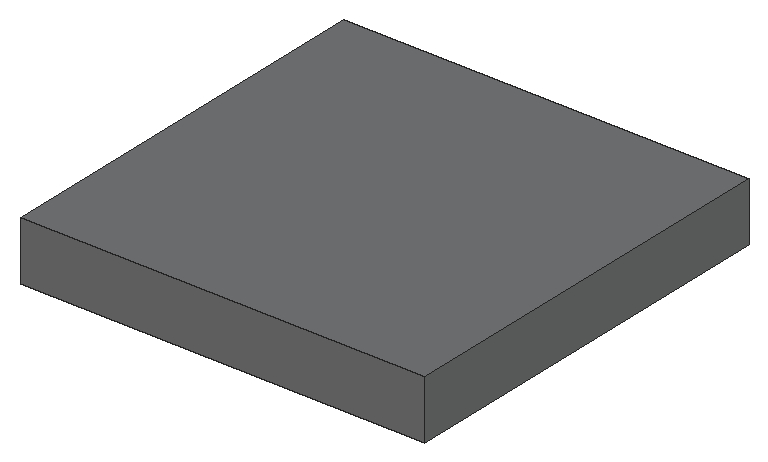
Revit family "Gira_027601", category Electrical Fixtures, host Face, Revit 2017
Family settings
  Host = Face
  Maintain Annotation Orientation = No
  Round Connector Dimension = Use Diameter
  Part Type = Normal
  Cut with Voids When Loaded = No
  Shared = No
  Room Calculation Point = No
Parameters (values of type "Abd. TAE USB System 55 Cremeweiß")
  Zusammenstellung = "Basiselement mit zentraler Abdeckplatte"
  Werkstoffgüte = "sonstige"
  Werkstoff = "Kunststoff"
  Verwendung = "TAE"
  URL = "http://katalog.gira.de/de_DE/datenblatt.html?artikelnr=027601"
  Transparent = "No"
  Tragring = "No"
  Region = "DE"
  RAL-Nummer (ähnlich) = "1013 "
  Oberfläche = "sonstige"
  Name = "Abd. TAE USB System 55 Cremeweiß"
  Montageart = "unter Putz"
  Mit Zugentlastung = "No"
  Mit Staubschutz = "No"
  Mit Klappdeckel = "No"
  Mit Aufdruck = "No"
  Manufacturer URL = "https://www.gira.de/"
  Lüsterklemme = "No"
  Keynote = "Sys55_Abdeckung_Schalten und Tasten"
  HeinzeBIM = "https://bimportal.heinze.de/bim/abd-tae-usb-system-55-cremeweiss/2304949947c7f91779288552dabe75a72d4cb059"
  Halogenfrei = "Yes"
  HAN = "027601"
  Geeignet für Schutzart (IP) = "IP20"
  GTIN = "4010337276012"
  Farbe = "cremeweiß (elektroweiß)"
  Default Elevation = 1219.2 mm
  Data sheet (1) = "https://katalog.gira.de/de_DE/download.html?artikelnr=027601"
  Category = "Einsatz/Abdeckung für Kommunikationstechnik"
  Beschriftungsfeld = "ohne Beschriftungsfeld"
  Befestigungsart = "Befestigung mit Schraube"
  Available = "Yes"
  Ausführung der Oberfläche = "glänzend"
  Anthrazit [instance] = Anthrazit
Reference planes
  plane 1 "Center (Front/Back)": y = 0
  plane 2: z = 0
  plane 3 "Center (Left/Right)": x = 0
Forms (mm)
  Extrusion 1, solid, material "Anthrazit" <- "Anthrazit", detail levels fine
    sketch origin (0, 0, 0) x (1, 0, 0) y (0, 1, 0)
      loop
        line (-27.5, 27.5) -> (-27.5, -27.5) -> (27.5, -27.5) -> (27.5, 27.5) -> (-27.5, 27.5)
    from 0 to 8
  Extrusion 2, void
    sketch origin (0, 0, 0) x (1, 0, 0) y (0, 1, 0)
      loop
        line (26, 26) -> (-26, 26) -> (-26, -26) -> (26, -26) -> (26, 26)
    from 0 to 6
  Extrusion 3, solid, material "Anthrazit" <- "Anthrazit", detail levels medium
    sketch origin (0, 0, 0) x (1, 0, 0) y (0, 1, 0)
      loop
        line (-27.5, 27.5) -> (-27.5, -27.5) -> (27.5, -27.5) -> (27.5, 27.5) -> (-27.5, 27.5)
    from 0 to 8
  Extrusion 4, solid, material "Anthrazit" <- "Anthrazit", detail levels medium
    sketch origin (0, 0, 0) x (1, 0, 0) y (0, 1, 0)
      loop
        line (11, -17.5) -> (11, 17.5) -> (-11, 17.5) -> (-11, -17.5) -> (11, -17.5)
    from -6 to 6
  Extrusion 5, solid, material "Anthrazit" <- "Anthrazit", detail levels fine
    sketch origin (0, 0, 0) x (1, 0, 0) y (0, 1, 0)
      loop
        line (11, 17.5) -> (-11, 17.5) -> (-11, 16.5) -> (11, 16.5) -> (11, 17.5)
      loop
        line (-11, -16.5) -> (-11, -17.5) -> (11, -17.5) -> (11, -16.5) -> (-11, -16.5)
    from -4 to 6
  Extrusion 6, solid, material "Anthrazit" <- "Anthrazit", detail levels fine
    sketch origin (0, 0, 0) x (1, 0, 0) y (0, 1, 0)
      loop
        arc (5, 9.347) -> (0, 10.6) -> (-5, 9.347) r 10.6
        line (-5, 9.347) -> (-5, -9.347)
        arc (-5, -9.347) -> (0, -10.6) -> (5, -9.347) r 10.6
        line (5, -9.347) -> (5, 9.347)
    from -6 to 6
  Extrusion 7, solid, material "Anthrazit" <- "Anthrazit", detail levels coarse
    sketch origin (0, 0, 0) x (1, 0, 0) y (0, 1, 0)
      loop
        line (-27.5, 27.5) -> (-27.5, -27.5) -> (27.5, -27.5) -> (27.5, 27.5) -> (-27.5, 27.5)
    from -6 to 8
Cuts and joins
  Extrusion 2 cuts Extrusion 1
Dimensions and locks
  aligned and locked: plane 2 to host face
  aligned and locked: level to host face
